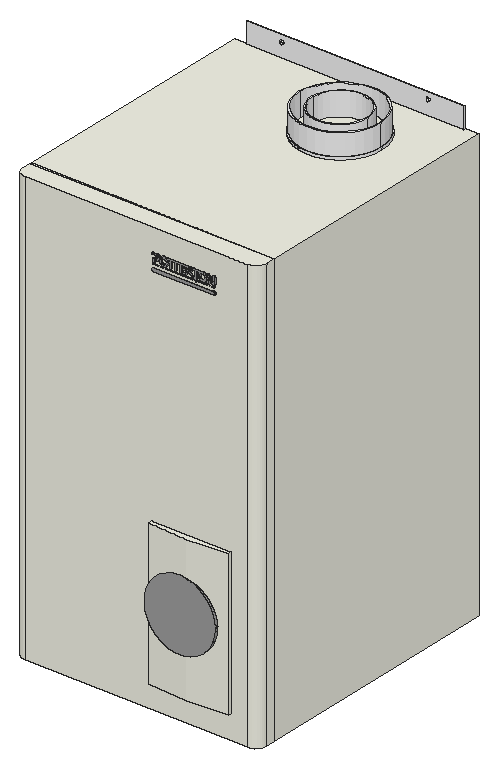
Revit family "Paramount Three 80 ", category Mechanical Equipment, Revit 2012
Parameters
  Weight (Full) (kg) = 77.8
  URL = "http://www.pottertoncommercial.co.uk/products_details.php?product=paramount_three"
  Seasonal Boiler Efficiency (%) = 95
  Power Consumption (W) = 108
  Model = "Paramount Three 80"
  Maximum Output @ 80/60°C (kW) = 74.7
  Manufacturer = "Potterton Commercial"
  Duct Connector Radius [instance] = if([110mm Flue], 55 mm, if([150mm Flue], 75 mm, 0 mm))  # 55 mm
  Description = "Wall Hung Condensing Boiler"
  110mm Flue [instance] = yes
  150mm Flue [instance] = no
Reference planes
  plane 1 "Center (Front/Back)": y = 0
  plane 2: z = 0
  plane 3 "Center (Left/Right)": x = 0
  plane 4: y = 0
  plane 5: y = -1.5
  plane 6: y = -131.5
  plane 7: y = -131.5
  plane 8: y = -131.5
  plane 9: y = -415.5
  plane 10: y = -285.5
  plane 11: x = 240
  plane 12: x = -240
  plane 13: x = -77
  plane 14: y = -314.5
  plane 15: x = -91.5
Forms (mm)
  Extrusion 1, solid, material "Potterton Paramount Three - Body"
    sketch origin (0, -37.5, 0) x (-1, 0, 0) y (0, -1, 0)
      loop
        line (-240, -37.5) -> (240, -37.5) -> (240, 483)
        arc (240, 483) -> (233.849, 497.849) -> (219, 504) r 21
        line (219, 504) -> (-219, 504)
        arc (-219, 504) -> (-233.849, 497.849) -> (-240, 483) r 21
        line (-240, 483) -> (-240, -37.5)
    from 0 to 851
  Extrusion 2, solid, material "Potterton Paramount Three - Steel"
    sketch origin (0, 0, 0) x (-1, 0, 0) y (0, 0, 1)
      loop
        line (214, 851) -> (214, 892) -> (-214, 892) -> (-214, 851) -> (214, 851)
      loop
        circle (144, 879) r 4.5
      loop
        circle (-144, 879) r 4.5
    from 0 to -2.5
  Extrusion 3, solid, material "Potterton Paramount Three - Steel"
    sketch origin (72.5, -1.5, 0) x (-1, 0, 0) y (0, -1, 0)
      loop
        circle (0, 130) r 82.5
      loop
        circle (0, 130) r 80
    from 851 to 856
  Extrusion 4, solid, material "Potterton Paramount Three - Steel"
    sketch origin (72.5, -1.5, 0) x (-1, 0, 0) y (0, -1, 0)
      loop
        circle (0, 130) r 80
      loop
        circle (0, 130) r 78
    from 851 to 897
  Extrusion 5, solid, material "Potterton Paramount Three - Steel"
    sketch origin (72.5, -1.5, 0) x (-1, 0, 0) y (0, -1, 0)
      loop
        circle (0, 130) r 55
      loop
        circle (0, 130) r 53
    from 851 to 897
  Extrusion 6, solid, material "Potterton Paramount Three - Steel"
    sketch origin (0, -8.5, 0) x (1, 0, 0) y (0, 1, 0)
      loop
        circle (-85.5, -237) r 9.25
      loop
        circle (-55.5, -237) r 4.85
      loop
        circle (-25.5, -237) r 10.75
      loop
        circle (4.5, -237) r 10.5
      loop
        circle (34.5, -237) r 10.5
      loop
        circle (-100, -266) r 9.25
      loop
        circle (-70, -266) r 9.25
      loop
        circle (-40, -266) r 10.85
      loop
        circle (-10, -266) r 9.85
      loop
        circle (20, -266) r 14
      loop
        circle (50, -266) r 14
    from 30 to 50
  Extrusion 7, void
    sketch origin (0, -39.5, 0) x (1, 0, 0) y (0, 1, 0)
      loop
        line (-194, -455) -> (194, -455) -> (194, -441) -> (206, -420.215) -> (206, -2.285) -> (194, 19.5) -> (194, 31.5) -> (-194, 31.5) -> (-194, 19.5) -> (-206, -2.285) -> (-206, -420.215) -> (-194, -441) -> (-194, -455)
    from 0 to 50
  Extrusion 8, solid, material "Potterton Paramount Three - Body"
    sketch origin (6.896, -132.5, 297.5) x (0, 1, 0) y (1, 0, 0)
      loop
        line (-409, 179.704) -> (-416, 179.704)
        arc (-416, 179.704) -> (-421.032, 101.704) -> (-416, 23.704) r 607
        line (-416, 23.704) -> (-409, 23.704) -> (-409, 179.704)
    from -35 to 250
  Extrusion 9, solid, material "Potterton Paramount Three - Cover"
    sketch origin (-0.4, -547.5, 0) x (1, 0, 0) y (0, 0, 1)
      loop
        circle (96, 195) r 70
    from 0 to 6.6
  Extrusion 10, solid, material "Potterton Paramount Three - Logo"
    sketch origin (-275.872, -541.5, 698.63) x (1, 0, 0) y (0, 0, 1)
      loop
        arc (316.284, 105.758) -> (319.074, 102.967) -> (316.284, 100.177) r 2.79
        line (316.284, 100.177) -> (309.343, 100.177) -> (309.343, 92.064) -> (312.758, 92.064) -> (312.758, 96.721) -> (316.284, 96.721)
        arc (316.284, 96.721) -> (319.818, 97.833) -> (322.081, 100.766) r 6.176
        arc (322.081, 100.766) -> (333.414, 92.147) -> (337.595, 105.758) r 8.681
        line (337.595, 105.758) -> (342.208, 105.758) -> (342.208, 92.064) -> (345.744, 92.064) -> (345.744, 105.758) -> (352.462, 105.758) -> (352.462, 92.064) -> (355.968, 92.064) -> (355.968, 105.758) -> (362.45, 105.758) -> (362.45, 92.064) -> (374.405, 92.064) -> (374.405, 95.397) -> (365.957, 95.397) -> (365.957, 99.003) -> (372.866, 99.003)
        arc (372.866, 99.003) -> (374.502, 100.639) -> (372.866, 102.274) r 1.635
        line (372.866, 102.274) -> (365.957, 102.274) -> (365.957, 105.758) -> (381.502, 105.758)
        arc (381.502, 105.758) -> (383.244, 104.016) -> (381.502, 102.274) r 1.742
        line (381.502, 102.274) -> (376.945, 102.274)
        arc (376.945, 102.274) -> (375.381, 101.116) -> (376.032, 99.282) r 1.635
        line (376.032, 99.282) -> (392.981, 87.87)
        arc (392.981, 87.87) -> (394.629, 87.8) -> (395.474, 89.217) r 1.611
        line (395.474, 89.217) -> (395.474, 105.758) -> (400.487, 105.758)
        arc (400.487, 105.758) -> (403.579, 92.581) -> (415.781, 98.438) r 8.681
        line (415.781, 98.438) -> (415.781, 92.064) -> (419.317, 92.064) -> (419.317, 102.274) -> (427.82, 92.608)
        arc (427.82, 92.608) -> (429.852, 92.102) -> (431.043, 93.824) r 1.841
        line (431.043, 93.824) -> (431.043, 107.5)
        arc (431.043, 107.5) -> (429.246, 109.297) -> (427.449, 107.5) r 1.797
        line (427.449, 107.5) -> (427.449, 98.467) -> (418.665, 108.738)
        arc (418.665, 108.738) -> (416.852, 109.21) -> (415.781, 107.673) r 1.639
        line (415.781, 107.673) -> (415.781, 102.385)
        arc (415.781, 102.385) -> (412.945, 107.03) -> (407.903, 109.074) r 8.681
        line (407.903, 109.074) -> (388.41, 109.074)
        arc (388.41, 109.074) -> (386.752, 107.416) -> (388.41, 105.758) r 1.658
        line (388.41, 105.758) -> (391.885, 105.758) -> (391.885, 92.494) -> (381.502, 99.55)
        arc (381.502, 99.55) -> (386.264, 104.312) -> (381.502, 109.074) r 4.762
        line (381.502, 109.074) -> (338.151, 109.074)
        arc (338.151, 109.074) -> (336.788, 108.359) -> (336.6, 106.831) r 1.658
        arc (336.6, 106.831) -> (328.47, 108.787) -> (322.46, 102.972) r 8.681
        arc (322.46, 102.972) -> (320.625, 107.291) -> (316.284, 109.074) r 6.176
        line (316.284, 109.074) -> (309.175, 109.074)
        arc (309.175, 109.074) -> (307.516, 107.416) -> (309.175, 105.758) r 1.658
        line (309.175, 105.758) -> (316.284, 105.758)
      loop
        line (398.443, 89.682) -> (398.443, 88.776) -> (430.656, 88.776) -> (430.656, 89.682) -> (398.443, 89.682)
      loop
        line (309.343, 89.682) -> (309.343, 88.776) -> (387.318, 88.776) -> (387.318, 89.682) -> (309.343, 89.682)
      loop
        arc (310.458, 82.011) -> (307.385, 78.937) -> (310.458, 75.864) r 3.074
        line (310.458, 75.864) -> (428.858, 75.864)
        arc (428.858, 75.864) -> (431.932, 78.937) -> (428.858, 82.011) r 3.074
        line (428.858, 82.011) -> (310.458, 82.011)
      loop
        circle (330.755, 100.412) r 5.181
      loop
        circle (316.284, 102.967) r 1.75
      loop
        circle (407.327, 100.412) r 5.181
    from 0 to 1
  Sweep 11, void
    path in 3D
      loop
        line (240, -134.5, 0) -> (240, -134.5, 851) -> (-240, -134.5, 851) -> (-240, -134.5, 0)
    profile origin (-240, -134.5, 425.5) x (-1, 0, 0) y (0, -1, 0)
      loop
        line (0, 368.5) -> (-1.5, 367) -> (0, 365.5) -> (0, 368.5)
  Extrusion 12, solid, material "Potterton Paramount Three - Copper Piping"
    sketch origin (-142.529, -37.926, 0) x (1, 0, 0) y (0, 1, 0)
      loop
        circle (142.529, -42.074) r 12.5
    from 0 to 50
  Extrusion 13, solid, material "Potterton Paramount Three - Copper Piping"
    sketch origin (-272.529, -37.926, 0) x (1, 0, 0) y (0, 1, 0)
      loop
        circle (142.529, -42.074) r 20
    from 0 to 50
  Extrusion 14, solid, material "Potterton Paramount Three - Copper Piping"
    sketch origin (-12.529, -37.926, 0) x (1, 0, 0) y (0, 1, 0)
      loop
        circle (142.529, -42.074) r 20
    from 0 to 50
  Extrusion 15, solid, material "Potterton Paramount Three - Copper Piping"
    sketch origin (-331.529, -8.926, 0) x (1, 0, 0) y (0, 1, 0)
      loop
        circle (142.529, -42.074) r 12.5
    from 0 to 50
Cuts and joins
  Extrusion 7, Sweep 11 cuts Extrusion 1
  Extrusion 7 cuts Extrusion 8
Lines and regions (mm)
  sketch lines
    curve 1: line (-240, -134.5, 851) -> (-240, -134.5, 0)
    curve 2: line (240, -134.5, 851) -> (-240, -134.5, 851)
    curve 3: line (240, -134.5, 851) -> (240, -134.5, 0)
Dimensions and locks
  Extrusion 2 to level = 892 mm
  aligned and locked: level to plane 2
Connectors
  piping at (72.5, -131.5, 856), driven by "Duct Connector Radius"
    settings: on Extrusion 3, index 1, connector radius 55 mm, flow factor 0, pipe flow 0.000 m³/h, pressure drop 0.0 Pa, fitting loss kfactor 0, connector angle 0.00°, fixture units 0, engagement length 0 mm, flow configuration 0, flow direction 0, fitting loss method 0, system type 29, joint type 0, gender type 0, connector reference index -1, connector utility 0, adjustable connector no, is connector primary yes, fitting loss table "", connector description ""
  piping at (-189, -51, 0)
    settings: on Extrusion 15, index 2, connector radius 12.5 mm, flow factor 0, pipe flow 0.000 m³/h, pressure drop 0.0 Pa, fitting loss kfactor 0, connector angle 0.00°, fixture units 0, engagement length 0 mm, flow configuration 0, flow direction 0, fitting loss method 0, system type 29, joint type 0, gender type 0, connector reference index -1, connector utility 0, adjustable connector no, is connector primary no, fitting loss table "", connector description ""
  piping at (-130, -80, 0)
    settings: on Extrusion 13, index 3, connector radius 20 mm, flow factor 0, pipe flow 0.000 m³/h, pressure drop 0.0 Pa, fitting loss kfactor 0, connector angle 0.00°, fixture units 0, engagement length 0 mm, flow configuration 0, flow direction 0, fitting loss method 0, system type 29, joint type 0, gender type 0, connector reference index -1, connector utility 0, adjustable connector no, is connector primary no, fitting loss table "", connector description ""
  piping at (0, -80, 0)
    settings: on Extrusion 12, index 4, connector radius 12.5 mm, flow factor 0, pipe flow 8.100 m³/h, pressure drop 0.0 Pa, fitting loss kfactor 0, connector angle 0.00°, fixture units 0, engagement length 0 mm, flow configuration 0, flow direction 0, fitting loss method 0, system type 29, joint type 0, gender type 0, connector reference index -1, connector utility 0, adjustable connector no, is connector primary no, fitting loss table "", connector description ""
  piping at (130, -80, 0)
    settings: on Extrusion 14, index 5, connector radius 20 mm, flow factor 0, pipe flow 0.000 m³/h, pressure drop 0.0 Pa, fitting loss kfactor 0, connector angle 0.00°, fixture units 0, engagement length 0 mm, flow configuration 0, flow direction 0, fitting loss method 0, system type 29, joint type 0, gender type 0, connector reference index -1, connector utility 0, adjustable connector no, is connector primary no, fitting loss table "", connector description ""
